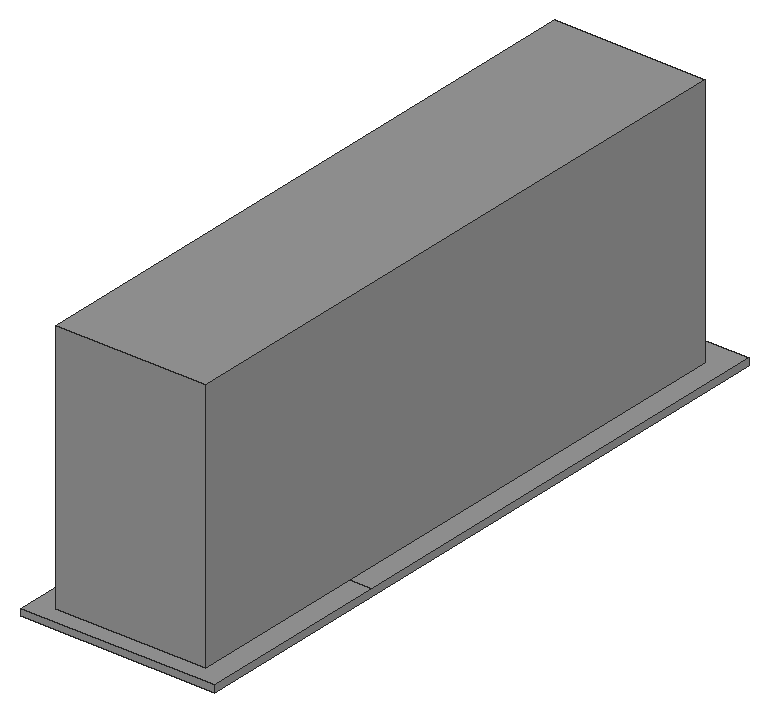
Revit family "KKDC_SpotLight_LiNi_XL_Spot_5R_Wallwasher_3000K", category 조명 설비, Revit 2024
Family settings
  호스트 = 천장
  원형 커넥터 치수 = 지름 사용
  부품 유형 = 배선함
  OmniClass 번호 = 23.80.70.11
  OmniClass 제목 = Luminaries for Internal Lighting
  항상 수직 = 예
  로드될 때 보이드를 사용하여 절단 = 예
  광원 = 예
  주석 방향 유지 = 아니오
  공유 = 아니오
  룸 계산 점 = 아니오
Parameters (values of type "LiNi XL Spot Wall washer 5R")
  측광 웹 파일 = "LiNi XL Wallwasher_5R.IES"
  Emit from Rectangle Width = 30 mm
  Emit from Rectangle Length = 133.5 mm
  와티지 해설 = "11W"
  Wattage = 11 W
  built-in parameter 1150110 = 1 (stored number, unit not read)
  built-in parameter 1114217 = 1 (stored number, unit not read)
  built-in parameter 1150109 = 1 (stored number, unit not read)
  built-in parameter 1150134 = (empty or 0)
  built-in parameter 1150113 = 1 (stored number, unit not read)
  Emit Shape Visible in Rendering = yes
  램프 = "Highpower"
  Default Elevation = 0 mm
  Lumens = 495 lm
  Tilt Angle = 90.00°
  built-in parameter 1150115 = 1 (stored number, unit not read)
  built-in parameter 1150105 = 39.391 (stored number, unit not read)
  built-in parameter 1150137 = (empty or 0)
  built-in parameter 1150139 = (empty or 0)
  built-in parameter 1150112 = 1 (stored number, unit not read)
  built-in parameter 1150114 = 1 (stored number, unit not read)
  built-in parameter 1150132 = (empty or 0)
  built-in parameter 1150102 = (empty or 0)
  built-in parameter 1150138 = (empty or 0)
  built-in parameter 1150107 = 3000 (stored number, unit not read)
  built-in parameter 1150106 = 0.39391 (stored number, unit not read)
  built-in parameter 1150104 = 4.1806 (stored number, unit not read)
  Dimming Lamp Color Temperature Shift = (empty or 0)
  Color Filter = 16777215
  built-in parameter 1114218 = 1 (stored number, unit not read)
  built-in parameter 1150133 = 10 (stored number, unit not read)
Reference planes
  plane 1 "광원 축(F/B)": y = 0
  plane 2 "천장": z = 2438.4
  plane 3 "광원 축(L/R)": x = 0
  plane 4 "광원 입면도": z = 2436.9
  plane 5: z = 2438.4
  plane 6 "Connector": z = 2438.4
Forms (mm)
  Extrusion 1, solid, material "알루미늄"
    sketch origin (0, -31.25, 0) x (0, 1, 0) y (0, 0, 1)
      loop
        line (0, 2438.4) -> (-45, 2438.4) -> (-45, 2436.9) -> (107.5, 2436.9) -> (107.5, 2438.4) -> (0, 2438.4)
    from -22.2 to 22.2
  Extrusion 2, solid, material "알루미늄"
    sketch origin (0, -19.879, 0) x (0, 1, 0) y (0, 0, 1)
      loop
        line (90, 2496.4) -> (-52.5, 2496.4) -> (-52.5, 2438.4) -> (90, 2438.4) -> (90, 2496.4)
    from -17.2 to 17.2
Dimensions and locks
  equal spacing: host sketch curve, plane 3 "광원 축(L/R)", host sketch curve
  equal spacing: host sketch curve, plane 1 "광원 축(F/B)", host sketch curve
  host sketch curve to host sketch curve = 3048 mm  (x2)
  aligned and locked: plane 4 "광원 입면도" to imposter light
Connectors
  electrical at (0.019, 0.073, 2438.4)
    settings: index 1, voltage 14 V, apparent load 0 VA, apparent load phase1 0 VA, apparent load phase2 0 VA, apparent load phase3 0 VA, power factor 1, load classification "조명", number of poles 1, system type 31, power factor state 1, is connector primary yes, connector utility no, sub classification motor no, connector description ""
